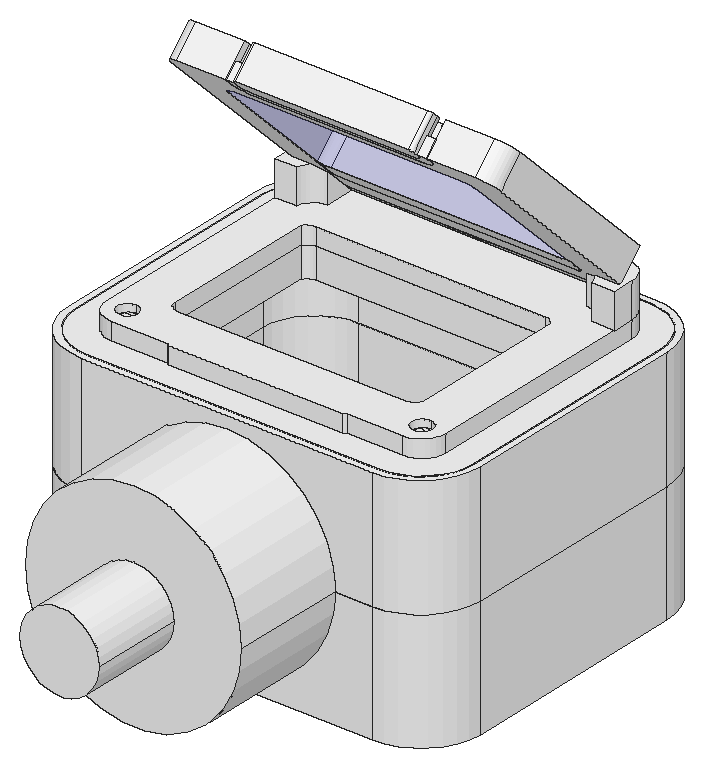
Revit family "Domotics-SerieCivili-GEWISS-27COMBI_SYSTEM-IP55_TESTA_PALO", category Apparecchi elettrici, host Superficie, Revit 2016 (continued)
Definition of nested family "SYSTEM CONTENITORI IP55 3P TESTAPALO_BASE"
  Forms (mm)
    Extrusion 42, solid, detail levels medium+fine
      sketch origin (0, 0, 0) x (1, 0, 0) y (0, 1, 0)
        loop
          arc (-33.5, 22.669) -> (-35.223, 22.215) -> (-36.5, 20.971) r 3.5
          line (-36.5, 20.971) -> (-36.5, -24.831)
      from 61.122 to 70
    Extrusion 43, solid, detail levels medium+fine
      sketch origin (0, 0, 0) x (1, 0, 0) y (0, 0, 1)
        loop
          circle (0, 35) r 31.6
      from 51.5 to 85.533
    Extrusion 44, solid, detail levels medium+fine
      sketch origin (0, 0, 0) x (1, 0, 0) y (0, 0, 1)
        loop
          circle (0, 35) r 11.6
      from 85.533 to 112.5
    Extrusion 45, solid, material <- "SCATOLA", detail levels coarse
      sketch origin (0, 0, 17.5) x (1, 0, 0) y (0, 1, 0)
        loop
          line (42.5, 51.5) -> (-42.5, 51.5)
          arc (-42.5, 51.5) -> (-54.874, 46.374) -> (-60, 34) r 17.5
          line (-60, 34) -> (-60, -34)
          arc (-60, -34) -> (-54.874, -46.374) -> (-42.5, -51.5) r 17.5
          line (-42.5, -51.5) -> (42.5, -51.5)
          arc (42.5, -51.5) -> (54.874, -46.374) -> (60, -34) r 17.5
          line (60, -34) -> (60, 34)
          arc (60, 34) -> (54.874, 46.374) -> (42.5, 51.5) r 17.5
      from -17.5 to 52.5
  Cuts and joins
    joined: Extrusion 1, Extrusion 2
  Lines and regions (mm)
    model lines, not visible
      curve 1: line (42.5, 51.5, 0) -> (-42.5, 51.5, 0)
      curve 2: line (-60, -34, 0) -> (-60, 34, 0)
      curve 3: arc (-42.5, 51.5, 0) -> (-54.874, 46.374, 0) -> (-60, 34, 0) r 17.5
      curve 4: arc (-60, -34, 0) -> (-54.874, -46.374, 0) -> (-42.5, -51.5, 0) r 17.5
      curve 5: line (42.5, -51.5, 0) -> (-42.5, -51.5, 0)
      curve 6: arc (42.5, -51.5, 0) -> (54.874, -46.374, 0) -> (60, -34, 0) r 17.5
      curve 7: line (60, -34, 0) -> (60, 34, 0)
      curve 8: arc (60, 34, 0) -> (54.874, 46.374, 0) -> (42.5, 51.5, 0) r 17.5
      curve 9: arc (56.306, 34.157, 0) -> (52.271, 43.898, 0) -> (42.529, 47.933, 0) r 13.777
      curve 10: line (42.529, 47.933, 0) -> (-42.496, 47.933, 0)
      curve 11: arc (-42.496, 47.933, 0) -> (-51.949, 44.221, 0) -> (-56.35, 35.067, 0) r 13.891
      curve 12: line (-56.35, -34, 0) -> (-56.35, 35.067, 0)
      curve 13: arc (-56.35, -34, 0) -> (-52.293, -43.793, 0) -> (-42.5, -47.85, 0) r 13.85
      curve 14: line (42.5, -47.85, 0) -> (-42.5, -47.85, 0)
      curve 15: arc (42.5, -47.85, 0) -> (52.675, -43.395, 0) -> (56.306, -32.898, 0) r 13.85
      curve 16: line (56.306, -32.898, 0) -> (56.306, 34.157, 0)
      curve 17: line (49.763, -33.831, 0) -> (49.763, 34.169, 0)
      curve 18: arc (49.763, 34.169, 0) -> (47.713, 39.118, 0) -> (42.763, 41.169, 0) r 7
      curve 19: line (-42.237, 41.169, 0) -> (42.763, 41.169, 0)
      curve 20: arc (-42.237, 41.169, 0) -> (-47.186, 39.118, 0) -> (-49.237, 34.169, 0) r 7
      curve 21: line (-49.237, -33.831, 0) -> (-49.237, 34.169, 0)
      curve 22: arc (-49.237, -33.831, 0) -> (-47.186, -38.781, 0) -> (-42.237, -40.831, 0) r 7
      curve 23: line (-42.237, -40.831, 0) -> (-25.898, -40.831, 0)
      curve 24: arc (-26.037, -40.324, 0) -> (-25.744, -41.031, 0) -> (-25.037, -41.324, 0) r 1
      curve 25: line (-25.037, -41.324, 0) -> (25.563, -41.324, 0)
      curve 26: arc (25.563, -41.324, 0) -> (26.271, -41.031, 0) -> (26.563, -40.324, 0) r 1
      curve 27: line (26.425, -40.831, 0) -> (42.763, -40.831, 0)
      curve 28: arc (42.763, -40.831, 0) -> (47.713, -38.781, 0) -> (49.763, -33.831, 0) r 7
      curve 29: line (26.563, -40.324, 0) -> (26.563, -38.165, 0)
      curve 30: arc (26.563, -38.165, 0) -> (25.685, -36.044, 0) -> (23.563, -35.165, 0) r 3
      curve 31: line (-23.037, -35.165, 0) -> (23.563, -35.165, 0)
      curve 32: arc (-23.037, -35.165, 0) -> (-25.158, -36.044, 0) -> (-26.037, -38.165, 0) r 3
      curve 33: line (-26.037, -40.324, 0) -> (-26.037, -38.165, 0)
      curve 34: circle (-17.337, -38.622, 0) r 1 normal (0, 0, 1)
      curve 35: circle (-8.537, -38.622, 0) r 1 normal (0, 0, 1)
      curve 36: circle (0.263, -38.622, 0) r 1 normal (0, 0, 1)
      curve 37: circle (9.063, -38.622, 0) r 1 normal (0, 0, 1)
      curve 38: circle (17.863, -38.622, 0) r 1 normal (0, 0, 1)
      curve 39: line (-38.5, -39.2, 0) -> (-29.037, -39.2, 0)
      curve 40: arc (-39.5, -38.2, 0) -> (-39.207, -38.907, 0) -> (-38.5, -39.2, 0) r 1
      curve 41: line (-39.5, -38.2, 0) -> (-39.5, -34.5, 0)
      curve 42: arc (-39.5, -34.5, 0) -> (-40.525, -32.025, 0) -> (-43, -31, 0) r 3.5
      curve 43: line (-43, -31, 0) -> (-46.7, -31, 0)
      curve 44: arc (-47.7, -30, 0) -> (-47.407, -30.707, 0) -> (-46.7, -31, 0) r 1
      curve 45: circle (-42.737, -34.331, 0) r 3 normal (0, 0, 1)
      curve 46: line (-44.019, -32.701, 0) -> (-41.455, -35.962, 0)
      curve 47: line (-44.459, -35.652, 0) -> (-41.014, -33.01, 0)
      curve 48: line (-47.7, -30, 0) -> (-47.7, 27.667, 0)
      curve 49: arc (-49.237, 27.637, 0) -> (-46.111, 27.71, 0) -> (-42.986, 27.836, 0) r 185.778
      curve 50: arc (-37.737, 32.513, 0) -> (-41.206, 31.123, 0) -> (-42.986, 27.836, 0) r 5.5
      curve 51: line (-37.737, 32.513, 0) -> (-37.737, 41.169, 0)
      curve 52: circle (-42.737, 34.669, 0) r 3 normal (0, 0, 1)
      curve 53: line (-43.287, 36.669, 0) -> (-42.187, 32.669, 0)
      curve 54: line (-44.837, 34.119, 0) -> (-40.637, 35.219, 0)
      curve 55: arc (38.063, 38.269, 0) -> (0.163, 39.169, 0) -> (-37.737, 38.268, 0) r 798.156
      curve 56: line (38.063, 32.217, 0) -> (38.063, 41.169, 0)
      curve 57: arc (43.264, 27.342, 0) -> (41.631, 30.811, 0) -> (38.063, 32.217, 0) r 5.2
      curve 58: arc (43.264, 27.342, 0) -> (46.513, 27.221, 0) -> (49.763, 27.16, 0) r 177.869
      curve 59: circle (43.263, 34.669, 0) r 3 normal (0, 0, 1)
      curve 60: line (44.578, 32.941, 0) -> (41.949, 36.396, 0)
      curve 61: line (41.628, 33.393, 0) -> (44.899, 35.944, 0)
      curve 62: line (47.7, -30, 0) -> (47.7, 27.192, 0)
      curve 63: arc (46.7, -31, 0) -> (47.407, -30.707, 0) -> (47.7, -30, 0) r 1
      curve 64: line (46.7, -31, 0) -> (43, -31, 0)
      curve 65: arc (43, -31, 0) -> (40.525, -32.025, 0) -> (39.5, -34.5, 0) r 3.5
      curve 66: line (39.5, -38.2, 0) -> (39.5, -34.5, 0)
      curve 67: arc (38.5, -39.2, 0) -> (39.207, -38.907, 0) -> (39.5, -38.2, 0) r 1
      curve 68: circle (43.263, -34.331, 0) r 3 normal (0, 0, 1)
      curve 69: line (42.713, -32.331, 0) -> (43.813, -36.331, 0)
      curve 70: line (41.163, -34.881, 0) -> (45.363, -33.781, 0)
      curve 71: line (38.5, -39.2, 0) -> (29.563, -39.2, 0)
      curve 72: line (-33.5, -27.831, 0) -> (33.5, -27.831, 0)
      curve 73: arc (-36.5, -24.831, 0) -> (-35.621, -26.953, 0) -> (-33.5, -27.831, 0) r 3
      curve 74: line (-36.5, -24.831, 0) -> (-36.5, 27.169, 0)
      curve 75: line (-34.65, 19.669, 0) -> (-34.65, -25.331, 0)
      curve 76: line (-34.65, -25.331, 0) -> (34.65, -25.331, 0)
      curve 77: line (36.5, -24.831, 0) -> (36.5, 27.169, 0)
      curve 78: arc (33.5, -27.831, 0) -> (35.621, -26.953, 0) -> (36.5, -24.831, 0) r 3
      curve 79: arc (36.5, 20.971, 0) -> (35.223, 22.215, 0) -> (33.5, 22.669, 0) r 3.5
      curve 80: line (34.65, 19.669, 0) -> (-34.65, 19.669, 0)
      curve 81: line (-33.5, 22.669, 0) -> (33.5, 22.669, 0)
      curve 82: arc (-33.5, 22.669, 0) -> (-35.223, 22.215, 0) -> (-36.5, 20.971, 0) r 3.5
      curve 83: arc (-33.5, 30.169, 0) -> (-35.621, 29.29, 0) -> (-36.5, 27.169, 0) r 3
      curve 84: line (-33.5, 30.169, 0) -> (33.5, 30.169, 0)
      curve 85: arc (36.5, 27.169, 0) -> (35.621, 29.29, 0) -> (33.5, 30.169, 0) r 3
      curve 86: line (-28, -52.5, 0) -> (-28, -51.5, 0)
      curve 87: line (-16, -52.5, 0) -> (-28, -52.5, 0)
      curve 88: line (-16, -51.5, 0) -> (-16, -52.5, 0)
      curve 89: line (16, -52.5, 0) -> (16, -51.5, 0)
      curve 90: line (28, -52.5, 0) -> (16, -52.5, 0)
      curve 91: line (28, -51.5, 0) -> (28, -52.5, 0)
      curve 92: line (-16.444, -65.422, 0) -> (-16.444, -52.5, 0)
      curve 93: arc (-16.444, -65.422, 0) -> (-16.152, -66.129, 0) -> (-15.444, -66.422, 0) r 1
      curve 94: line (15.52, -66.422, 0) -> (-15.444, -66.422, 0)
      curve 95: arc (15.52, -66.422, 0) -> (16.227, -66.129, 0) -> (16.52, -65.422, 0) r 1
      curve 96: line (16.52, -65.422, 0) -> (16.52, -52.5, 0)
      curve 97: line (26.038, -64.422, 0) -> (26.038, -52.5, 0)
      curve 98: arc (8.538, -81.922, 0) -> (20.912, -76.796, 0) -> (26.038, -64.422, 0) r 17.5
      curve 99: line (8.538, -81.922, 0) -> (-8.462, -81.922, 0)
      curve 100: circle (0.038, -74.922, 0) r 2 normal (0, 0, 1)
      curve 101: arc (-25.962, -64.422, 0) -> (-20.837, -76.796, 0) -> (-8.462, -81.922, 0) r 17.5
      curve 102: line (-25.962, -64.422, 0) -> (-25.962, -52.5, 0)
      curve 103: line (8.538, 81.922, 0) -> (-8.462, 81.922, 0)
      curve 104: arc (-8.462, 81.922, 0) -> (-20.837, 76.796, 0) -> (-25.962, 64.422, 0) r 17.5
      curve 105: arc (26.038, 64.422, 0) -> (20.912, 76.796, 0) -> (8.538, 81.922, 0) r 17.5
      curve 106: line (26.038, 64.422, 0) -> (26.038, 52.5, 0)
      curve 107: line (16.52, 65.422, 0) -> (16.52, 52.5, 0)
      curve 108: arc (16.52, 65.422, 0) -> (16.227, 66.129, 0) -> (15.52, 66.422, 0) r 1
      curve 109: line (15.52, 66.422, 0) -> (-15.444, 66.422, 0)
      curve 110: line (-16.444, 65.422, 0) -> (-16.444, 52.5, 0)
      curve 111: arc (-15.444, 66.422, 0) -> (-16.152, 66.129, 0) -> (-16.444, 65.422, 0) r 1
      curve 112: line (-25.962, 64.422, 0) -> (-25.962, 52.5, 0)
      curve 113: line (28, 52.5, 0) -> (16, 52.5, 0)
      curve 114: line (28, 51.5, 0) -> (28, 52.5, 0)
      curve 115: line (16, 52.5, 0) -> (16, 51.5, 0)
      curve 116: line (-16, 51.5, 0) -> (-16, 52.5, 0)
      curve 117: line (-16, 52.5, 0) -> (-28, 52.5, 0)
      curve 118: line (34.65, -25.331, 0) -> (34.65, 19.669, 0)
      curve 119: line (-29.037, -40.831, 0) -> (-29.037, -37.188, 0)
      curve 120: arc (-24.537, -32.688, 0) -> (-27.719, -34.006, 0) -> (-29.037, -37.188, 0) r 4.5
      curve 121: line (-24.537, -32.688, 0) -> (25.063, -32.688, 0)
      curve 122: arc (29.563, -37.188, 0) -> (28.245, -34.006, 0) -> (25.063, -32.688, 0) r 4.5
      curve 123: line (29.563, -40.831, 0) -> (29.563, -37.188, 0)
      curve 124: line (-28, 52.5, 0) -> (-28, 51.5, 0)
    model lines, not visible, detail levels coarse
      curve 125: line (42.5, 51.5, 155) -> (-42.5, 51.5, 155)
      curve 126: line (-60, -34, 155) -> (-60, 34, 155)
      curve 127: arc (-42.5, 51.5, 155) -> (-54.874, 46.374, 155) -> (-60, 34, 155) r 17.5
      curve 128: arc (-60, -34, 155) -> (-54.874, -46.374, 155) -> (-42.5, -51.5, 155) r 17.5
      curve 129: line (42.5, -51.5, 155) -> (-42.5, -51.5, 155)
      curve 130: arc (42.5, -51.5, 155) -> (54.874, -46.374, 155) -> (60, -34, 155) r 17.5
      curve 131: line (60, -34, 155) -> (60, 34, 155)
      curve 132: arc (60, 34, 155) -> (54.874, 46.374, 155) -> (42.5, 51.5, 155) r 17.5
      curve 133: arc (56.306, 34.157, 155) -> (52.271, 43.898, 155) -> (42.529, 47.933, 155) r 13.777
      curve 134: line (42.529, 47.933, 155) -> (-42.496, 47.933, 155)
      curve 135: arc (-42.496, 47.933, 155) -> (-51.949, 44.221, 155) -> (-56.35, 35.067, 155) r 13.891
      curve 136: line (-56.35, -34, 155) -> (-56.35, 35.067, 155)
      curve 137: arc (-56.35, -34, 155) -> (-52.293, -43.793, 155) -> (-42.5, -47.85, 155) r 13.85
      curve 138: line (42.5, -47.85, 155) -> (-42.5, -47.85, 155)
      curve 139: arc (42.5, -47.85, 155) -> (52.675, -43.395, 155) -> (56.306, -32.898, 155) r 13.85
      curve 140: line (56.306, -32.898, 155) -> (56.306, 34.157, 155)
      curve 141: line (49.763, -33.831, 155) -> (49.763, 34.169, 155)
      curve 142: arc (49.763, 34.169, 155) -> (47.713, 39.118, 155) -> (42.763, 41.169, 155) r 7
      curve 143: line (-42.237, 41.169, 155) -> (42.763, 41.169, 155)
      curve 144: arc (-42.237, 41.169, 155) -> (-47.186, 39.118, 155) -> (-49.237, 34.169, 155) r 7
      curve 145: line (-49.237, -33.831, 155) -> (-49.237, 34.169, 155)
      curve 146: arc (-49.237, -33.831, 155) -> (-47.186, -38.781, 155) -> (-42.237, -40.831, 155) r 7
      curve 147: line (-42.237, -40.831, 155) -> (-25.898, -40.831, 155)
      curve 148: arc (-26.037, -40.324, 155) -> (-25.744, -41.031, 155) -> (-25.037, -41.324, 155) r 1
      curve 149: line (-25.037, -41.324, 155) -> (25.563, -41.324, 155)
      curve 150: arc (25.563, -41.324, 155) -> (26.271, -41.031, 155) -> (26.563, -40.324, 155) r 1
      curve 151: line (26.425, -40.831, 155) -> (42.763, -40.831, 155)
      curve 152: arc (42.763, -40.831, 155) -> (47.713, -38.781, 155) -> (49.763, -33.831, 155) r 7
      curve 153: line (26.563, -40.324, 155) -> (26.563, -38.165, 155)
      curve 154: arc (26.563, -38.165, 155) -> (25.685, -36.044, 155) -> (23.563, -35.165, 155) r 3
      curve 155: line (-23.037, -35.165, 155) -> (23.563, -35.165, 155)
      curve 156: arc (-23.037, -35.165, 155) -> (-25.158, -36.044, 155) -> (-26.037, -38.165, 155) r 3
      curve 157: line (-26.037, -40.324, 155) -> (-26.037, -38.165, 155)
      curve 158: circle (-17.337, -38.622, 155) r 1 normal (0, 0, 1)
      curve 159: circle (-8.537, -38.622, 155) r 1 normal (0, 0, 1)
      curve 160: circle (0.263, -38.622, 155) r 1 normal (0, 0, 1)
      curve 161: circle (9.063, -38.622, 155) r 1 normal (0, 0, 1)
      curve 162: circle (17.863, -38.622, 155) r 1 normal (0, 0, 1)
      curve 163: line (-38.5, -39.2, 155) -> (-29.037, -39.2, 155)
      curve 164: arc (-39.5, -38.2, 155) -> (-39.207, -38.907, 155) -> (-38.5, -39.2, 155) r 1
      curve 165: line (-39.5, -38.2, 155) -> (-39.5, -34.5, 155)
      curve 166: arc (-39.5, -34.5, 155) -> (-40.525, -32.025, 155) -> (-43, -31, 155) r 3.5
      curve 167: line (-43, -31, 155) -> (-46.7, -31, 155)
      curve 168: arc (-47.7, -30, 155) -> (-47.407, -30.707, 155) -> (-46.7, -31, 155) r 1
      curve 169: circle (-42.737, -34.331, 155) r 3 normal (0, 0, 1)
      curve 170: line (-44.019, -32.701, 155) -> (-41.455, -35.962, 155)
      curve 171: line (-44.459, -35.652, 155) -> (-41.014, -33.01, 155)
      curve 172: line (-47.7, -30, 155) -> (-47.7, 27.667, 155)
      curve 173: arc (-49.237, 27.637, 155) -> (-46.111, 27.71, 155) -> (-42.986, 27.836, 155) r 185.778
      curve 174: arc (-37.737, 32.513, 155) -> (-41.206, 31.123, 155) -> (-42.986, 27.836, 155) r 5.5
      curve 175: line (-37.737, 32.513, 155) -> (-37.737, 41.169, 155)
      curve 176: circle (-42.737, 34.669, 155) r 3 normal (0, 0, 1)
      curve 177: line (-43.287, 36.669, 155) -> (-42.187, 32.669, 155)
      curve 178: line (-44.837, 34.119, 155) -> (-40.637, 35.219, 155)
      curve 179: arc (38.063, 38.269, 155) -> (0.163, 39.169, 155) -> (-37.737, 38.268, 155) r 798.156
      curve 180: line (38.063, 32.217, 155) -> (38.063, 41.169, 155)
      curve 181: arc (43.264, 27.342, 155) -> (41.631, 30.811, 155) -> (38.063, 32.217, 155) r 5.2
      curve 182: arc (43.264, 27.342, 155) -> (46.513, 27.221, 155) -> (49.763, 27.16, 155) r 177.869
      curve 183: circle (43.263, 34.669, 155) r 3 normal (0, 0, 1)
      curve 184: line (44.578, 32.941, 155) -> (41.949, 36.396, 155)
      curve 185: line (41.628, 33.393, 155) -> (44.899, 35.944, 155)
      curve 186: line (47.7, -30, 155) -> (47.7, 27.192, 155)
      curve 187: arc (46.7, -31, 155) -> (47.407, -30.707, 155) -> (47.7, -30, 155) r 1
      curve 188: line (46.7, -31, 155) -> (43, -31, 155)
      curve 189: arc (43, -31, 155) -> (40.525, -32.025, 155) -> (39.5, -34.5, 155) r 3.5
      curve 190: line (39.5, -38.2, 155) -> (39.5, -34.5, 155)
      curve 191: arc (38.5, -39.2, 155) -> (39.207, -38.907, 155) -> (39.5, -38.2, 155) r 1
      curve 192: circle (43.263, -34.331, 155) r 3 normal (0, 0, 1)
      curve 193: line (42.713, -32.331, 155) -> (43.813, -36.331, 155)
      curve 194: line (41.163, -34.881, 155) -> (45.363, -33.781, 155)
      curve 195: line (38.5, -39.2, 155) -> (29.563, -39.2, 155)
      curve 196: line (-33.5, -27.831, 155) -> (33.5, -27.831, 155)
      curve 197: arc (-36.5, -24.831, 155) -> (-35.621, -26.953, 155) -> (-33.5, -27.831, 155) r 3
      curve 198: line (-36.5, -24.831, 155) -> (-36.5, 27.169, 155)
      curve 199: line (-34.65, 19.669, 155) -> (-34.65, -25.331, 155)
      curve 200: line (-34.65, -25.331, 155) -> (34.65, -25.331, 155)
      curve 201: line (36.5, -24.831, 155) -> (36.5, 27.169, 155)
      curve 202: arc (33.5, -27.831, 155) -> (35.621, -26.953, 155) -> (36.5, -24.831, 155) r 3
      curve 203: arc (36.5, 20.971, 155) -> (35.223, 22.215, 155) -> (33.5, 22.669, 155) r 3.5
      curve 204: line (34.65, 19.669, 155) -> (-34.65, 19.669, 155)
      curve 205: line (-33.5, 22.669, 155) -> (33.5, 22.669, 155)
      curve 206: arc (-33.5, 22.669, 155) -> (-35.223, 22.215, 155) -> (-36.5, 20.971, 155) r 3.5
      curve 207: arc (-33.5, 30.169, 155) -> (-35.621, 29.29, 155) -> (-36.5, 27.169, 155) r 3
      curve 208: line (-33.5, 30.169, 155) -> (33.5, 30.169, 155)
      curve 209: arc (36.5, 27.169, 155) -> (35.621, 29.29, 155) -> (33.5, 30.169, 155) r 3
      curve 210: line (34.65, -25.331, 155) -> (34.65, 19.669, 155)
      curve 211: line (-29.037, -40.831, 155) -> (-29.037, -37.188, 155)
      curve 212: arc (-24.537, -32.688, 155) -> (-27.719, -34.006, 155) -> (-29.037, -37.188, 155) r 4.5
      curve 213: line (-24.537, -32.688, 155) -> (25.063, -32.688, 155)
      curve 214: arc (29.563, -37.188, 155) -> (28.245, -34.006, 155) -> (25.063, -32.688, 155) r 4.5
      curve 215: line (29.563, -40.831, 155) -> (29.563, -37.188, 155)
      curve 224: line (-31.618, -85.533, 155) -> (-31.618, -51.5, 155)
      curve 225: line (31.618, -85.533, 155) -> (-31.618, -85.533, 155)
      curve 226: line (-11.59, -112.5, 155) -> (-11.59, -85.533, 155)
      curve 227: line (11.59, -112.5, 155) -> (-11.59, -112.5, 155)
      curve 228: line (11.59, -85.533, 155) -> (11.59, -112.5, 155)
      curve 229: line (31.618, -51.5, 155) -> (31.618, -85.533, 155)
    sketch lines
      curve 216: line (37.737, 41.169, 75) -> (0, 41.169, 75)
      curve 217: line (-37.737, 41.169, 75) -> (0, 41.169, 75)
      curve 220: line (37.737, 41.169, 75) -> (0, 41.169, 75)
      curve 221: line (-37.737, 41.169, 75) -> (0, 41.169, 75)
    sketch lines, not visible
      curve 218: line (37.737, 41.169, 75) -> (0, 41.169, 75)
      curve 219: line (-37.737, 41.169, 75) -> (0, 41.169, 75)
      curve 222: line (-100.757, -146.049, 47.299) -> (-138.493, -146.049, 47.299)
      curve 223: line (-176.23, -146.049, 47.299) -> (-138.493, -146.049, 47.299)
    model lines, detail levels coarse
      curve 230: line (42.5, 51.5, 70) -> (-42.5, 51.5, 70)
      curve 231: line (-60, -34, 70) -> (-60, 34, 70)
      curve 232: arc (-42.5, 51.5, 70) -> (-54.874, 46.374, 70) -> (-60, 34, 70) r 17.5
      curve 233: arc (-60, -34, 70) -> (-54.874, -46.374, 70) -> (-42.5, -51.5, 70) r 17.5
      curve 234: line (42.5, -51.5, 70) -> (-42.5, -51.5, 70)
      curve 235: arc (42.5, -51.5, 70) -> (54.874, -46.374, 70) -> (60, -34, 70) r 17.5
      curve 236: line (60, -34, 70) -> (60, 34, 70)
      curve 237: arc (60, 34, 70) -> (54.874, 46.374, 70) -> (42.5, 51.5, 70) r 17.5
      curve 238: arc (56.306, 34.157, 70) -> (52.271, 43.898, 70) -> (42.529, 47.933, 70) r 13.777
      curve 239: line (42.529, 47.933, 70) -> (-42.496, 47.933, 70)
      curve 240: arc (-42.496, 47.933, 70) -> (-51.949, 44.221, 70) -> (-56.35, 35.067, 70) r 13.891
      curve 241: line (-56.35, -34, 70) -> (-56.35, 35.067, 70)
      curve 242: arc (-56.35, -34, 70) -> (-52.293, -43.793, 70) -> (-42.5, -47.85, 70) r 13.85
      curve 243: line (42.5, -47.85, 70) -> (-42.5, -47.85, 70)
      curve 244: arc (42.5, -47.85, 70) -> (52.675, -43.395, 70) -> (56.306, -32.898, 70) r 13.85
      curve 245: line (56.306, -32.898, 70) -> (56.306, 34.157, 70)
      curve 246: line (49.763, -33.831, 70) -> (49.763, 34.169, 70)
      curve 247: arc (49.763, 34.169, 70) -> (47.713, 39.118, 70) -> (42.763, 41.169, 70) r 7
      curve 248: line (-42.237, 41.169, 70) -> (42.763, 41.169, 70)
      curve 249: arc (-42.237, 41.169, 70) -> (-47.186, 39.118, 70) -> (-49.237, 34.169, 70) r 7
      curve 250: line (-49.237, -33.831, 70) -> (-49.237, 34.169, 70)
      curve 251: arc (-49.237, -33.831, 70) -> (-47.186, -38.781, 70) -> (-42.237, -40.831, 70) r 7
      curve 252: line (-42.237, -40.831, 70) -> (-25.898, -40.831, 70)
      curve 253: arc (-26.037, -40.324, 70) -> (-25.744, -41.031, 70) -> (-25.037, -41.324, 70) r 1
      curve 254: line (-25.037, -41.324, 70) -> (25.563, -41.324, 70)
      curve 255: arc (25.563, -41.324, 70) -> (26.271, -41.031, 70) -> (26.563, -40.324, 70) r 1
      curve 256: line (26.425, -40.831, 70) -> (42.763, -40.831, 70)
      curve 257: arc (42.763, -40.831, 70) -> (47.713, -38.781, 70) -> (49.763, -33.831, 70) r 7
      curve 258: line (26.563, -40.324, 70) -> (26.563, -38.165, 70)
      curve 259: arc (26.563, -38.165, 70) -> (25.685, -36.044, 70) -> (23.563, -35.165, 70) r 3
      curve 260: line (-23.037, -35.165, 70) -> (23.563, -35.165, 70)
      curve 261: arc (-23.037, -35.165, 70) -> (-25.158, -36.044, 70) -> (-26.037, -38.165, 70) r 3
      curve 262: line (-26.037, -40.324, 70) -> (-26.037, -38.165, 70)
      curve 263: circle (-17.337, -38.622, 70) r 1 normal (0, 0, 1)
      curve 264: circle (-8.537, -38.622, 70) r 1 normal (0, 0, 1)
      curve 265: circle (0.263, -38.622, 70) r 1 normal (0, 0, 1)
      curve 266: circle (9.063, -38.622, 70) r 1 normal (0, 0, 1)
      curve 267: circle (17.863, -38.622, 70) r 1 normal (0, 0, 1)
      curve 268: line (-38.5, -39.2, 70) -> (-29.037, -39.2, 70)
      curve 269: arc (-39.5, -38.2, 70) -> (-39.207, -38.907, 70) -> (-38.5, -39.2, 70) r 1
      curve 270: line (-39.5, -38.2, 70) -> (-39.5, -34.5, 70)
      curve 271: arc (-39.5, -34.5, 70) -> (-40.525, -32.025, 70) -> (-43, -31, 70) r 3.5
      curve 272: line (-43, -31, 70) -> (-46.7, -31, 70)
      curve 273: arc (-47.7, -30, 70) -> (-47.407, -30.707, 70) -> (-46.7, -31, 70) r 1
      curve 274: circle (-42.737, -34.331, 70) r 3 normal (0, 0, 1)
      curve 275: line (-44.019, -32.701, 70) -> (-41.455, -35.962, 70)
      curve 276: line (-44.459, -35.652, 70) -> (-41.014, -33.01, 70)
      curve 277: line (-47.7, -30, 70) -> (-47.7, 27.667, 70)
      curve 278: arc (-49.237, 27.637, 70) -> (-46.111, 27.71, 70) -> (-42.986, 27.836, 70) r 185.778
      curve 279: arc (-37.737, 32.513, 70) -> (-41.206, 31.123, 70) -> (-42.986, 27.836, 70) r 5.5
      curve 280: line (-37.737, 32.513, 70) -> (-37.737, 41.169, 70)
      curve 281: circle (-42.737, 34.669, 70) r 3 normal (0, 0, 1)
      curve 282: line (-43.287, 36.669, 70) -> (-42.187, 32.669, 70)
      curve 283: line (-44.837, 34.119, 70) -> (-40.637, 35.219, 70)
      curve 284: arc (38.063, 38.269, 70) -> (0.163, 39.169, 70) -> (-37.737, 38.268, 70) r 798.156
      curve 285: line (38.063, 32.217, 70) -> (38.063, 41.169, 70)
      curve 286: arc (43.264, 27.342, 70) -> (41.631, 30.811, 70) -> (38.063, 32.217, 70) r 5.2
      curve 287: arc (43.264, 27.342, 70) -> (46.513, 27.221, 70) -> (49.763, 27.16, 70) r 177.869
      curve 288: circle (43.263, 34.669, 70) r 3 normal (0, 0, 1)
      curve 289: line (44.578, 32.941, 70) -> (41.949, 36.396, 70)
      curve 290: line (41.628, 33.393, 70) -> (44.899, 35.944, 70)
      curve 291: line (47.7, -30, 70) -> (47.7, 27.192, 70)
      curve 292: arc (46.7, -31, 70) -> (47.407, -30.707, 70) -> (47.7, -30, 70) r 1
      curve 293: line (46.7, -31, 70) -> (43, -31, 70)
      curve 294: arc (43, -31, 70) -> (40.525, -32.025, 70) -> (39.5, -34.5, 70) r 3.5
      curve 295: line (39.5, -38.2, 70) -> (39.5, -34.5, 70)
      curve 296: arc (38.5, -39.2, 70) -> (39.207, -38.907, 70) -> (39.5, -38.2, 70) r 1
      curve 297: circle (43.263, -34.331, 70) r 3 normal (0, 0, 1)
      curve 298: line (42.713, -32.331, 70) -> (43.813, -36.331, 70)
      curve 299: line (41.163, -34.881, 70) -> (45.363, -33.781, 70)
      curve 300: line (38.5, -39.2, 70) -> (29.563, -39.2, 70)
      curve 301: line (-33.5, -27.831, 70) -> (33.5, -27.831, 70)
      curve 302: arc (-36.5, -24.831, 70) -> (-35.621, -26.953, 70) -> (-33.5, -27.831, 70) r 3
      curve 303: line (-36.5, -24.831, 70) -> (-36.5, 27.169, 70)
      curve 304: line (-34.65, 19.669, 70) -> (-34.65, -25.331, 70)
      curve 305: line (-34.65, -25.331, 70) -> (34.65, -25.331, 70)
      curve 306: line (36.5, -24.831, 70) -> (36.5, 27.169, 70)
      curve 307: arc (33.5, -27.831, 70) -> (35.621, -26.953, 70) -> (36.5, -24.831, 70) r 3
      curve 308: arc (36.5, 20.971, 70) -> (35.223, 22.215, 70) -> (33.5, 22.669, 70) r 3.5
      curve 309: line (34.65, 19.669, 70) -> (-34.65, 19.669, 70)
      curve 310: line (-33.5, 22.669, 70) -> (33.5, 22.669, 70)
      curve 311: arc (-33.5, 22.669, 70) -> (-35.223, 22.215, 70) -> (-36.5, 20.971, 70) r 3.5
      curve 312: arc (-33.5, 30.169, 70) -> (-35.621, 29.29, 70) -> (-36.5, 27.169, 70) r 3
      curve 313: line (-33.5, 30.169, 70) -> (33.5, 30.169, 70)
      curve 314: arc (36.5, 27.169, 70) -> (35.621, 29.29, 70) -> (33.5, 30.169, 70) r 3
      curve 315: line (34.65, -25.331, 70) -> (34.65, 19.669, 70)
      curve 316: line (-29.037, -40.831, 70) -> (-29.037, -37.188, 70)
      curve 317: arc (-24.537, -32.688, 70) -> (-27.719, -34.006, 70) -> (-29.037, -37.188, 70) r 4.5
      curve 318: line (-24.537, -32.688, 70) -> (25.063, -32.688, 70)
      curve 319: arc (29.563, -37.188, 70) -> (28.245, -34.006, 70) -> (25.063, -32.688, 70) r 4.5
      curve 320: line (29.563, -40.831, 70) -> (29.563, -37.188, 70)
      curve 321: line (-31.618, -85.533, 70) -> (-31.618, -51.5, 70)
      curve 322: line (31.618, -85.533, 70) -> (-31.618, -85.533, 70)
      curve 323: line (-11.59, -112.5, 70) -> (-11.59, -85.533, 70)
      curve 324: line (11.59, -112.5, 70) -> (-11.59, -112.5, 70)
      curve 325: line (11.59, -85.533, 70) -> (11.59, -112.5, 70)
      curve 326: line (31.618, -51.5, 70) -> (31.618, -85.533, 70)
  Dimensions and locks
    equal spacing: plane 4, plane 3 "Centro (Sinistra/Destra)", plane 5
    "Larghezza scatola": plane 4 to plane 5
    equal spacing: plane 6, plane 1 "Centro (Fronte/Retro)", plane 7
    "Altezza scatola": plane 6 to plane 7
    plane 9 to plane 11 "PIANO BIDIMENSIONALE" = 5 mm
    equal spacing: plane 11 "PIANO BIDIMENSIONALE", plane 8, level
    level to plane 8 = 35 mm
    aligned and locked: level to plane 2
    aligned and locked: Extrusion 1 to level
    aligned and locked: Extrusion 2 to level
    aligned and locked: plane 8 to Extrusion 1
    aligned and locked: cut or joined group of Extrusion 1, Extrusion 2 to Extrusion 3 sketch curve
    aligned and locked: Extrusion 3 sketch curve to cut or joined group of Extrusion 1, Extrusion 2  (x2)
    aligned and locked: plane 6 to Extrusion 3 sketch curve
    aligned and locked: Extrusion 3 to cut or joined group of Extrusion 1, Extrusion 2
    aligned and locked: Extrusion 5 to Extrusion 4
    aligned and locked: Extrusion 6 to Extrusion 4
    aligned and locked: Extrusion 7 sketch curve to Extrusion 5  (x2)
    aligned and locked: Extrusion 5 to Extrusion 7 sketch curve
    aligned and locked: Extrusion 7 to Extrusion 4
    aligned and locked: Extrusion 9 to Revolve 8
    aligned and locked: Revolve 10 to Extrusion 11
    aligned and locked: Extrusion 14 to Extrusion 4
    aligned and locked: Revolve 8 sketch curve to Extrusion 9
    aligned and locked: Extrusion 11 to Revolve 10 sketch curve
    aligned and locked: Extrusion 4 to plane 11 "PIANO BIDIMENSIONALE"
    aligned and locked: Extrusion 4 to Extrusion 13
    aligned and locked: Extrusion 4 to Extrusion 12
    aligned and locked: Extrusion 4 to Extrusion 11
    aligned and locked: plane 12 to Extrusion 13
    aligned and locked: Extrusion 12 to Extrusion 13
    aligned and locked: plane 9 to Extrusion 4
    aligned and locked: Extrusion 15 to Extrusion 4
    aligned and locked: Extrusion 5 to Extrusion 15
    aligned and locked: SweptBlend 16 sketch curve to Extrusion 5
    aligned and locked: Extrusion 18 to plane 9
    aligned and locked: Extrusion 21 sketch curve to Extrusion 19  (x2)
    aligned and locked: Extrusion 19 to Extrusion 21 sketch curve
    aligned and locked: SweptBlend 23 sketch curve to Extrusion 19
    aligned and locked: Extrusion 28 sketch curve to Extrusion 26  (x2)
    aligned and locked: Extrusion 26 to Extrusion 28 sketch curve
    aligned and locked: SweptBlend 30 sketch curve to Extrusion 26
    aligned and locked: Extrusion 35 sketch curve to Extrusion 33  (x2)
    aligned and locked: Extrusion 33 to Extrusion 35 sketch curve
    aligned and locked: SweptBlend 37 sketch curve to Extrusion 33
    aligned and locked: Extrusion 3 to Extrusion 4
    aligned and locked: Revolve 40 sketch curve to Extrusion 12
    aligned and locked: Extrusion 13 to Revolve 41 sketch curve
    aligned and locked: Extrusion 3 to Extrusion 42
    aligned and locked: cut or joined group of Extrusion 1, Extrusion 2 to plane 2
    aligned and locked: plane 7 to Extrusion 43
    aligned and locked: curve 321 to Extrusion 43
    aligned and locked: Extrusion 44 to curve 321
    aligned and locked: Extrusion 44 to curve 323
    aligned and locked: Extrusion 3 to Extrusion 45 sketch curve
    aligned and locked: Extrusion 45 sketch curve to Extrusion 3  (x3)
    aligned and locked: Extrusion 45 to level
    aligned and locked: Extrusion 45 to Extrusion 3
  Automatic sketch dimensions
    Extrusion 5 sketch curve to Extrusion 5 sketch curve = 0 mm
    Extrusion 5 sketch curve to Extrusion 5 sketch curve = 3 mm  (x3)
    Extrusion 5 sketch curve to Extrusion 5 sketch curve = 0.152 mm  (x2)
    Extrusion 5 sketch curve to Extrusion 5 sketch curve = 4.857 mm
    Extrusion 5 sketch curve to Extrusion 5 sketch curve = 4.5 mm  (x2)
    Extrusion 5 sketch curve to Extrusion 5 sketch curve = 2.012 mm  (x2)
    Extrusion 5 sketch curve to Extrusion 5 sketch curve = 9.963 mm
    Extrusion 5 sketch curve to Extrusion 5 sketch curve = 0.189 mm
    Extrusion 5 sketch curve to Extrusion 5 sketch curve = 14.395 mm  (x2)
    Extrusion 5 sketch curve to Extrusion 5 sketch curve = 4.237 mm
    Extrusion 5 sketch curve to Extrusion 5 sketch curve = 1.048 mm  (x2)
    Extrusion 6 sketch curve to Extrusion 6 sketch curve = 3 mm  (x2)
    Extrusion 6 sketch curve to Extrusion 6 sketch curve = 4.5 mm
    Extrusion 6 sketch curve to Extrusion 6 sketch curve = 1.697 mm  (x2)
    Extrusion 6 sketch curve to Extrusion 6 sketch curve = 3.5 mm
    Extrusion 6 sketch curve to Extrusion 6 sketch curve = 1.803 mm
    Extrusion 7 sketch curve to Extrusion 7 sketch curve = 3 mm  (x2)
    Extrusion 7 sketch curve to Extrusion 7 sketch curve = 1.803 mm  (x2)
    Extrusion 7 sketch curve to Extrusion 7 sketch curve = 1.697 mm
    Extrusion 14 sketch curve to Extrusion 14 sketch curve = 3 mm  (x2)
    Extrusion 14 sketch curve to Extrusion 14 sketch curve = 2.158 mm  (x2)
    Extrusion 14 sketch curve to Extrusion 14 sketch curve = 1 mm
    SweptBlend 16 sketch curve to profile plane = 0 mm  (x4)
    SweptBlend 16 sketch curve to profile plane = 5.776 mm
    SweptBlend 16 sketch curve to SweptBlend 16 sketch curve = 5 mm
    SweptBlend 16 sketch curve to profile plane = 2 mm
    SweptBlend 16 sketch curve to SweptBlend 16 sketch curve = 5.25 mm
    profile plane to SweptBlend 16 sketch curve = 5 mm
    SweptBlend 17 sketch curve to profile plane = 0 mm  (x4)
    profile plane to SweptBlend 17 sketch curve = 2.885 mm
    SweptBlend 17 sketch curve to SweptBlend 17 sketch curve = 2.891 mm
    profile plane to SweptBlend 17 sketch curve = 5 mm  (x2)
    profile plane to SweptBlend 17 sketch curve = 2 mm
    SweptBlend 17 sketch curve to SweptBlend 17 sketch curve = 7.25 mm
    Extrusion 18 sketch curve to Extrusion 18 sketch curve = 2.012 mm
    Extrusion 18 sketch curve to Extrusion 18 sketch curve = 4.5 mm  (x2)
    Extrusion 5 sketch curve to Extrusion 5 sketch curve = 9.633 mm
    Extrusion 5 sketch curve to Extrusion 5 sketch curve = 9.932 mm
    Extrusion 5 sketch curve to Extrusion 5 sketch curve = 5.369 mm  (x2)
    Extrusion 5 sketch curve to Extrusion 5 sketch curve = 1.195 mm  (x2)
    Extrusion 5 sketch curve to Extrusion 5 sketch curve = 0.819 mm
    Extrusion 5 sketch curve to Extrusion 5 sketch curve = 0.182 mm
    Extrusion 5 sketch curve to Extrusion 5 sketch curve = 175.11 mm
    Extrusion 5 sketch curve to Extrusion 5 sketch curve = 0.016 mm
    Extrusion 5 sketch curve to Extrusion 5 sketch curve = 5.771 mm
    Extrusion 5 sketch curve to Extrusion 5 sketch curve = 5.755 mm
    Extrusion 5 sketch curve to Extrusion 5 sketch curve = 2.345 mm
    Extrusion 5 sketch curve to Extrusion 5 sketch curve = 0.65 mm
    Extrusion 5 sketch curve to Extrusion 5 sketch curve = 51.848 mm
    Extrusion 5 sketch curve to Extrusion 5 sketch curve = 719.788 mm
    Extrusion 5 sketch curve to Extrusion 5 sketch curve = 4.315 mm
    Extrusion 5 sketch curve to Extrusion 5 sketch curve = 29.207 mm
    Extrusion 5 sketch curve to Extrusion 5 sketch curve = 8.437 mm
    Extrusion 6 sketch curve to Extrusion 6 sketch curve = 67 mm
    Extrusion 7 sketch curve to Extrusion 7 sketch curve = 44 mm
    Extrusion 7 sketch curve to Extrusion 7 sketch curve = 3.5 mm
    Extrusion 14 sketch curve to Extrusion 14 sketch curve = 46.6 mm
    Extrusion 18 sketch curve to Extrusion 18 sketch curve = 49.6 mm
    Extrusion 19 sketch curve to Extrusion 19 sketch curve = 0 mm
    Extrusion 19 sketch curve to Extrusion 19 sketch curve = 3 mm  (x3)
    Extrusion 19 sketch curve to Extrusion 19 sketch curve = 0.152 mm  (x2)
    Extrusion 19 sketch curve to Extrusion 19 sketch curve = 4.857 mm
    Extrusion 19 sketch curve to Extrusion 19 sketch curve = 4.5 mm  (x2)
    Extrusion 19 sketch curve to Extrusion 19 sketch curve = 2.012 mm  (x2)
    Extrusion 19 sketch curve to Extrusion 19 sketch curve = 9.963 mm
    Extrusion 19 sketch curve to Extrusion 19 sketch curve = 0.189 mm
    Extrusion 19 sketch curve to Extrusion 19 sketch curve = 14.395 mm  (x2)
    Extrusion 19 sketch curve to Extrusion 19 sketch curve = 4.237 mm
    Extrusion 19 sketch curve to Extrusion 19 sketch curve = 1.048 mm  (x2)
    Extrusion 20 sketch curve to Extrusion 20 sketch curve = 3 mm  (x2)
    Extrusion 20 sketch curve to Extrusion 20 sketch curve = 4.5 mm
    Extrusion 20 sketch curve to Extrusion 20 sketch curve = 1.697 mm  (x2)
    Extrusion 20 sketch curve to Extrusion 20 sketch curve = 3.5 mm
    Extrusion 20 sketch curve to Extrusion 20 sketch curve = 1.803 mm
    Extrusion 21 sketch curve to Extrusion 21 sketch curve = 3 mm  (x2)
    Extrusion 21 sketch curve to Extrusion 21 sketch curve = 1.803 mm  (x2)
    Extrusion 21 sketch curve to Extrusion 21 sketch curve = 1.697 mm
    Extrusion 22 sketch curve to Extrusion 22 sketch curve = 3 mm  (x2)
    Extrusion 22 sketch curve to Extrusion 22 sketch curve = 2.158 mm  (x2)
    Extrusion 22 sketch curve to Extrusion 22 sketch curve = 1 mm
    SweptBlend 23 sketch curve to profile plane = 0 mm  (x4)
    SweptBlend 23 sketch curve to profile plane = 5.776 mm
    SweptBlend 23 sketch curve to SweptBlend 23 sketch curve = 5 mm
    SweptBlend 23 sketch curve to profile plane = 2 mm
    SweptBlend 23 sketch curve to SweptBlend 23 sketch curve = 5.25 mm
    profile plane to SweptBlend 23 sketch curve = 5 mm
    SweptBlend 24 sketch curve to profile plane = 0 mm  (x4)
    profile plane to SweptBlend 24 sketch curve = 2.885 mm
    SweptBlend 24 sketch curve to SweptBlend 24 sketch curve = 2.891 mm
    profile plane to SweptBlend 24 sketch curve = 5 mm  (x2)
    profile plane to SweptBlend 24 sketch curve = 2 mm
    SweptBlend 24 sketch curve to SweptBlend 24 sketch curve = 7.25 mm
    Extrusion 25 sketch curve to Extrusion 25 sketch curve = 2.012 mm
    Extrusion 25 sketch curve to Extrusion 25 sketch curve = 4.5 mm  (x2)
    Extrusion 19 sketch curve to Extrusion 19 sketch curve = 9.633 mm
    Extrusion 19 sketch curve to Extrusion 19 sketch curve = 9.932 mm
    Extrusion 19 sketch curve to Extrusion 19 sketch curve = 5.369 mm  (x2)
    Extrusion 19 sketch curve to Extrusion 19 sketch curve = 1.195 mm  (x2)
    Extrusion 19 sketch curve to Extrusion 19 sketch curve = 0.819 mm
    Extrusion 19 sketch curve to Extrusion 19 sketch curve = 0.182 mm
    Extrusion 19 sketch curve to Extrusion 19 sketch curve = 175.11 mm
    Extrusion 19 sketch curve to Extrusion 19 sketch curve = 0.016 mm
    Extrusion 19 sketch curve to Extrusion 19 sketch curve = 5.771 mm
    Extrusion 19 sketch curve to Extrusion 19 sketch curve = 5.755 mm
    Extrusion 19 sketch curve to Extrusion 19 sketch curve = 2.345 mm
    Extrusion 19 sketch curve to Extrusion 19 sketch curve = 0.65 mm
    Extrusion 19 sketch curve to Extrusion 19 sketch curve = 51.848 mm
    Extrusion 19 sketch curve to Extrusion 19 sketch curve = 719.788 mm
    Extrusion 19 sketch curve to Extrusion 19 sketch curve = 4.315 mm
    Extrusion 19 sketch curve to Extrusion 19 sketch curve = 29.207 mm
    Extrusion 19 sketch curve to Extrusion 19 sketch curve = 8.437 mm
    Extrusion 20 sketch curve to Extrusion 20 sketch curve = 67 mm
    Extrusion 21 sketch curve to Extrusion 21 sketch curve = 44 mm
    Extrusion 21 sketch curve to Extrusion 21 sketch curve = 3.5 mm
    Extrusion 22 sketch curve to Extrusion 22 sketch curve = 46.6 mm
    Extrusion 25 sketch curve to Extrusion 25 sketch curve = 49.6 mm
    Extrusion 26 sketch curve to Extrusion 26 sketch curve = 0 mm
    Extrusion 26 sketch curve to Extrusion 26 sketch curve = 175.11 mm
    Extrusion 26 sketch curve to Extrusion 26 sketch curve = 0.016 mm
    Extrusion 26 sketch curve to Extrusion 26 sketch curve = 5.771 mm
    Extrusion 26 sketch curve to Extrusion 26 sketch curve = 5.755 mm
    Extrusion 26 sketch curve to Extrusion 26 sketch curve = 2.345 mm
    Extrusion 26 sketch curve to Extrusion 26 sketch curve = 4.847 mm
    Extrusion 26 sketch curve to Extrusion 26 sketch curve = 4.859 mm
    Extrusion 26 sketch curve to Extrusion 26 sketch curve = 3 mm  (x3)
    Extrusion 26 sketch curve to Extrusion 26 sketch curve = 0.152 mm  (x2)
    Extrusion 26 sketch curve to Extrusion 26 sketch curve = 51.848 mm  (x2)
    Extrusion 26 sketch curve to Extrusion 26 sketch curve = 4.857 mm
    Extrusion 26 sketch curve to Extrusion 26 sketch curve = 9 mm
    Extrusion 26 sketch curve to Extrusion 26 sketch curve = 6 mm
    Extrusion 26 sketch curve to Extrusion 26 sketch curve = 0.633 mm
    Extrusion 26 sketch curve to Extrusion 26 sketch curve = 4.5 mm  (x2)
    Extrusion 26 sketch curve to Extrusion 26 sketch curve = 5.369 mm
    Extrusion 26 sketch curve to Extrusion 26 sketch curve = 2.012 mm
    Extrusion 26 sketch curve to Extrusion 26 sketch curve = 719.788 mm
    Extrusion 26 sketch curve to Extrusion 26 sketch curve = 9.963 mm
    Extrusion 26 sketch curve to Extrusion 26 sketch curve = 4.268 mm
    Extrusion 26 sketch curve to Extrusion 26 sketch curve = 0.189 mm
    Extrusion 26 sketch curve to Extrusion 26 sketch curve = 1.048 mm  (x2)
    Extrusion 26 sketch curve to Extrusion 26 sketch curve = 4.463 mm
    Extrusion 26 sketch curve to Extrusion 26 sketch curve = 49.6 mm
    Extrusion 26 sketch curve to Extrusion 26 sketch curve = 4.237 mm
    Extrusion 26 sketch curve to Extrusion 26 sketch curve = 6.263 mm
    Extrusion 26 sketch curve to Extrusion 26 sketch curve = 1.195 mm
    Extrusion 27 sketch curve to Extrusion 27 sketch curve = 3 mm  (x2)
    Extrusion 27 sketch curve to Extrusion 27 sketch curve = 4.5 mm
    Extrusion 27 sketch curve to Extrusion 27 sketch curve = 1.697 mm  (x2)
    Extrusion 27 sketch curve to Extrusion 27 sketch curve = 3.5 mm
    Extrusion 27 sketch curve to Extrusion 27 sketch curve = 1.803 mm
    Extrusion 27 sketch curve to Extrusion 27 sketch curve = 67 mm
    Extrusion 28 sketch curve to Extrusion 28 sketch curve = 3 mm  (x2)
    Extrusion 28 sketch curve to Extrusion 28 sketch curve = 44 mm  (x2)
    Extrusion 28 sketch curve to Extrusion 28 sketch curve = 1.803 mm  (x2)
    Extrusion 28 sketch curve to Extrusion 28 sketch curve = 1.697 mm
    Extrusion 29 sketch curve to Extrusion 29 sketch curve = 3 mm  (x2)
    Extrusion 29 sketch curve to Extrusion 29 sketch curve = 2.158 mm  (x2)
    Extrusion 29 sketch curve to Extrusion 29 sketch curve = 1 mm
    Extrusion 29 sketch curve to Extrusion 29 sketch curve = 46.6 mm
    SweptBlend 30 sketch curve to profile plane = 0 mm  (x4)
    profile plane to SweptBlend 30 sketch curve = 3.536 mm  (x2)
    profile plane to SweptBlend 30 sketch curve = 5.031 mm
    SweptBlend 30 sketch curve to profile plane = 0.548 mm
    SweptBlend 30 sketch curve to SweptBlend 30 sketch curve = 2.121 mm
    SweptBlend 30 sketch curve to profile plane = 1.414 mm
    SweptBlend 30 sketch curve to profile plane = 1.591 mm
    profile plane to SweptBlend 30 sketch curve = 1.414 mm
    SweptBlend 31 sketch curve to profile plane = 0 mm  (x4)
    profile plane to SweptBlend 31 sketch curve = 0.548 mm
    profile plane to SweptBlend 31 sketch curve = 2.04 mm  (x2)
    SweptBlend 31 sketch curve to profile plane = 3.536 mm  (x2)
    SweptBlend 31 sketch curve to profile plane = 5.031 mm
    profile plane to SweptBlend 31 sketch curve = 1.414 mm  (x2)
    profile plane to SweptBlend 31 sketch curve = 1.591 mm
    SweptBlend 31 sketch curve to SweptBlend 31 sketch curve = 2.121 mm
    Extrusion 32 sketch curve to Extrusion 32 sketch curve = 4.5 mm  (x2)
    Extrusion 32 sketch curve to Extrusion 32 sketch curve = 2.012 mm
    Extrusion 32 sketch curve to Extrusion 32 sketch curve = 49.6 mm
    Extrusion 26 sketch curve to Extrusion 26 sketch curve = 4.315 mm
    Extrusion 26 sketch curve to Extrusion 26 sketch curve = 29.207 mm
    Extrusion 26 sketch curve to Extrusion 26 sketch curve = 104.029 mm
    Extrusion 33 sketch curve to Extrusion 33 sketch curve = 0 mm
    Extrusion 33 sketch curve to Extrusion 33 sketch curve = 175.11 mm
    Extrusion 33 sketch curve to Extrusion 33 sketch curve = 0.016 mm
    Extrusion 33 sketch curve to Extrusion 33 sketch curve = 5.771 mm
    Extrusion 33 sketch curve to Extrusion 33 sketch curve = 5.755 mm
    Extrusion 33 sketch curve to Extrusion 33 sketch curve = 2.345 mm
    Extrusion 33 sketch curve to Extrusion 33 sketch curve = 4.847 mm
    Extrusion 33 sketch curve to Extrusion 33 sketch curve = 4.859 mm
    Extrusion 33 sketch curve to Extrusion 33 sketch curve = 3 mm  (x3)
    Extrusion 33 sketch curve to Extrusion 33 sketch curve = 0.152 mm  (x2)
    Extrusion 33 sketch curve to Extrusion 33 sketch curve = 51.848 mm  (x2)
    Extrusion 33 sketch curve to Extrusion 33 sketch curve = 4.857 mm
    Extrusion 33 sketch curve to Extrusion 33 sketch curve = 9 mm
    Extrusion 33 sketch curve to Extrusion 33 sketch curve = 6 mm
    Extrusion 33 sketch curve to Extrusion 33 sketch curve = 0.633 mm
    Extrusion 33 sketch curve to Extrusion 33 sketch curve = 4.5 mm  (x2)
    Extrusion 33 sketch curve to Extrusion 33 sketch curve = 5.369 mm
    Extrusion 33 sketch curve to Extrusion 33 sketch curve = 2.012 mm
    Extrusion 33 sketch curve to Extrusion 33 sketch curve = 719.788 mm
    Extrusion 33 sketch curve to Extrusion 33 sketch curve = 9.963 mm
    Extrusion 33 sketch curve to Extrusion 33 sketch curve = 4.268 mm
    Extrusion 33 sketch curve to Extrusion 33 sketch curve = 0.189 mm
    Extrusion 33 sketch curve to Extrusion 33 sketch curve = 1.048 mm  (x2)
    Extrusion 33 sketch curve to Extrusion 33 sketch curve = 4.463 mm
    Extrusion 33 sketch curve to Extrusion 33 sketch curve = 49.6 mm
    Extrusion 33 sketch curve to Extrusion 33 sketch curve = 4.237 mm
    Extrusion 33 sketch curve to Extrusion 33 sketch curve = 6.263 mm
    Extrusion 33 sketch curve to Extrusion 33 sketch curve = 1.195 mm
    Extrusion 34 sketch curve to Extrusion 34 sketch curve = 3 mm  (x2)
    Extrusion 34 sketch curve to Extrusion 34 sketch curve = 4.5 mm
    Extrusion 34 sketch curve to Extrusion 34 sketch curve = 1.697 mm  (x2)
    Extrusion 34 sketch curve to Extrusion 34 sketch curve = 3.5 mm
    Extrusion 34 sketch curve to Extrusion 34 sketch curve = 1.803 mm
    Extrusion 34 sketch curve to Extrusion 34 sketch curve = 67 mm
    Extrusion 35 sketch curve to Extrusion 35 sketch curve = 3 mm  (x2)
    Extrusion 35 sketch curve to Extrusion 35 sketch curve = 44 mm  (x2)
    Extrusion 35 sketch curve to Extrusion 35 sketch curve = 1.803 mm  (x2)
    Extrusion 35 sketch curve to Extrusion 35 sketch curve = 1.697 mm
    Extrusion 36 sketch curve to Extrusion 36 sketch curve = 3 mm  (x2)
    Extrusion 36 sketch curve to Extrusion 36 sketch curve = 2.158 mm  (x2)
    Extrusion 36 sketch curve to Extrusion 36 sketch curve = 1 mm
    Extrusion 36 sketch curve to Extrusion 36 sketch curve = 46.6 mm
    SweptBlend 37 sketch curve to profile plane = 0 mm  (x4)
    profile plane to SweptBlend 37 sketch curve = 3.536 mm  (x2)
    profile plane to SweptBlend 37 sketch curve = 5.031 mm
    SweptBlend 37 sketch curve to profile plane = 0.548 mm
    SweptBlend 37 sketch curve to SweptBlend 37 sketch curve = 2.121 mm
    SweptBlend 37 sketch curve to profile plane = 1.414 mm
    SweptBlend 37 sketch curve to profile plane = 1.591 mm
    profile plane to SweptBlend 37 sketch curve = 1.414 mm
    SweptBlend 38 sketch curve to profile plane = 0 mm  (x4)
    profile plane to SweptBlend 38 sketch curve = 0.548 mm
    profile plane to SweptBlend 38 sketch curve = 2.04 mm  (x2)
    SweptBlend 38 sketch curve to profile plane = 3.536 mm  (x2)
    SweptBlend 38 sketch curve to profile plane = 5.031 mm
    profile plane to SweptBlend 38 sketch curve = 1.414 mm  (x2)
    profile plane to SweptBlend 38 sketch curve = 1.591 mm
    SweptBlend 38 sketch curve to SweptBlend 38 sketch curve = 2.121 mm
    Extrusion 39 sketch curve to Extrusion 39 sketch curve = 4.5 mm  (x2)
    Extrusion 39 sketch curve to Extrusion 39 sketch curve = 2.012 mm
    Extrusion 39 sketch curve to Extrusion 39 sketch curve = 49.6 mm
    Extrusion 33 sketch curve to Extrusion 33 sketch curve = 4.315 mm
    Extrusion 33 sketch curve to Extrusion 33 sketch curve = 29.207 mm
    Extrusion 33 sketch curve to Extrusion 33 sketch curve = 104.029 mm
    Extrusion 1 sketch curve to Extrusion 1 sketch curve = 0 mm  (x11)
    Extrusion 1 sketch curve to plane 6 = 2 mm
    plane 10 "1" to Extrusion 1 sketch curve = 0.669 mm  (x2)
    plane 7 to Extrusion 1 sketch curve = 17.5 mm  (x2)
    Extrusion 2 sketch curve to plane 6 = 2 mm
    plane 10 "1" to Extrusion 2 sketch curve = 0.669 mm  (x2)
    Extrusion 2 sketch curve to plane 5 = 2 mm
    plane 7 to Extrusion 2 sketch curve = 17.5 mm  (x2)
    plane 4 to Extrusion 2 sketch curve = 2 mm
    plane 7 to Extrusion 2 sketch curve = 2 mm
    Extrusion 3 sketch curve to Extrusion 3 sketch curve = 0 mm  (x5)
    Extrusion 3 sketch curve to Extrusion 3 sketch curve = 2 mm
    plane 10 "1" to Extrusion 3 sketch curve = 0.669 mm  (x3)
    plane 7 to Extrusion 3 sketch curve = 17.5 mm  (x2)
    plane 7 to Extrusion 3 sketch curve = 2 mm
    plane 10 "1" to Extrusion 4 sketch curve = 0 mm  (x2)
    Extrusion 4 sketch curve to plane 10 "1" = 6.5 mm
    plane 10 "1" to Extrusion 4 sketch curve = 0.5 mm  (x2)
    Extrusion 4 sketch curve to Extrusion 4 sketch curve = 1.697 mm  (x2)
    Extrusion 4 sketch curve to Extrusion 4 sketch curve = 3.5 mm
    Extrusion 4 sketch curve to Extrusion 4 sketch curve = 1.803 mm
    plane 1 "Centro (Fronte/Retro)" to Extrusion 4 sketch curve = 24.831 mm  (x2)
    Extrusion 4 sketch curve to Extrusion 4 sketch curve = 3 mm
    Extrusion 4 sketch curve to Extrusion 4 sketch curve = 9 mm  (x2)
    Extrusion 4 sketch curve to Extrusion 4 sketch curve = 0.5 mm  (x5)
    plane 7 to Extrusion 4 sketch curve = 11.176 mm  (x2)
    Extrusion 4 sketch curve to Extrusion 4 sketch curve = 6.5 mm
    Extrusion 4 sketch curve to Extrusion 4 sketch curve = 0.508 mm
    Extrusion 4 sketch curve to Extrusion 4 sketch curve = 0.492 mm
    Extrusion 4 sketch curve to plane 3 "Centro (Sinistra/Destra)" = 25.037 mm
    Extrusion 4 sketch curve to Extrusion 4 sketch curve = 7.602 mm
    Extrusion 4 sketch curve to Extrusion 4 sketch curve = 8.737 mm
    Extrusion 4 sketch curve to Extrusion 4 sketch curve = 0.027 mm
    plane 4 to Revolve 8 sketch curve = 15.022 mm
    Revolve 8 sketch curve to Revolve 8 sketch curve = 2.225 mm
    Revolve 8 sketch curve to Revolve 8 sketch curve = 2.242 mm
    Revolve 8 sketch curve to Revolve 8 sketch curve = 1.974 mm
    Revolve 8 sketch curve to Revolve 8 sketch curve = 0 mm  (x3)
    plane 10 "1" to Extrusion 9 sketch curve = 0 mm
    plane 4 to Extrusion 9 sketch curve = 17.263 mm
    plane 5 to Revolve 10 sketch curve = 15.022 mm
    Revolve 10 sketch curve to Revolve 10 sketch curve = 2.225 mm
    Revolve 10 sketch curve to Revolve 10 sketch curve = 2.242 mm
    Revolve 10 sketch curve to Revolve 10 sketch curve = 1.974 mm
    Revolve 10 sketch curve to Revolve 10 sketch curve = 0 mm  (x3)
    plane 10 "1" to Extrusion 11 sketch curve = 0 mm
    Extrusion 12 sketch curve to plane 7 = 17.169 mm
    Extrusion 12 sketch curve to plane 4 = 17.263 mm
    plane 7 to Extrusion 13 sketch curve = 17.169 mm
    Extrusion 13 sketch curve to Extrusion 13 sketch curve = 3 mm
    plane 10 "1" to Extrusion 15 sketch curve = 0 mm  (x2)
    Extrusion 15 sketch curve to plane 10 "1" = 6.5 mm  (x2)
    Extrusion 15 sketch curve to plane 5 = 7.985 mm
    plane 6 to Extrusion 15 sketch curve = 161.894 mm
    plane 4 to Extrusion 15 sketch curve = 7.985 mm
    Extrusion 15 sketch curve to Extrusion 15 sketch curve = 0 mm  (x2)
    plane 10 "1" to Extrusion 15 sketch curve = 0.5 mm  (x2)
    plane 10 "1" to Extrusion 15 sketch curve = 2.155 mm  (x2)
    Extrusion 15 sketch curve to Extrusion 15 sketch curve = 6.531 mm
    Extrusion 15 sketch curve to Extrusion 15 sketch curve = 6.539 mm
    Extrusion 15 sketch curve to Extrusion 15 sketch curve = 5.497 mm  (x2)
    plane 4 to Extrusion 15 sketch curve = 10.763 mm
    Extrusion 15 sketch curve to Extrusion 15 sketch curve = 0.5 mm
    Extrusion 15 sketch curve to Extrusion 15 sketch curve = 4.5 mm
    Extrusion 15 sketch curve to Extrusion 15 sketch curve = 0.189 mm  (x2)
    Extrusion 15 sketch curve to Extrusion 15 sketch curve = 5 mm
    Extrusion 15 sketch curve to Extrusion 15 sketch curve = 0.027 mm
    Extrusion 15 sketch curve to plane 10 "1" = 3 mm
    Extrusion 15 sketch curve to Extrusion 15 sketch curve = 3 mm
    Revolve 40 sketch curve to plane 12 = 0 mm
    plane 4 to Revolve 40 sketch curve = 15.022 mm
    plane 11 "PIANO BIDIMENSIONALE" to Revolve 40 sketch curve = 1.026 mm
    Revolve 40 sketch curve to Revolve 40 sketch curve = 2.225 mm
    Revolve 40 sketch curve to plane 9 = 1 mm
    Revolve 40 sketch curve to Revolve 40 sketch curve = 0 mm  (x2)
    Revolve 41 sketch curve to plane 12 = 0 mm
    Revolve 41 sketch curve to plane 5 = 14.475 mm
    plane 11 "PIANO BIDIMENSIONALE" to Revolve 41 sketch curve = 1.026 mm
    Revolve 41 sketch curve to Revolve 41 sketch curve = 2.225 mm
    Revolve 41 sketch curve to plane 9 = 1 mm
    Revolve 41 sketch curve to Revolve 41 sketch curve = 0 mm  (x2)
    plane 4 to Extrusion 42 sketch curve = 2 mm
    plane 10 "1" to Extrusion 42 sketch curve = 0.669 mm  (x2)
    Extrusion 42 sketch curve to Extrusion 42 sketch curve = 15.5 mm
    plane 7 to Extrusion 42 sketch curve = 2 mm
    plane 4 to Extrusion 42 sketch curve = 17.5 mm
    Extrusion 42 sketch curve to Extrusion 42 sketch curve = 6 mm
    Extrusion 42 sketch curve to Extrusion 42 sketch curve = 3 mm  (x4)
    Extrusion 42 sketch curve to Extrusion 42 sketch curve = 6.169 mm
    plane 10 "1" to Extrusion 42 sketch curve = 15.5 mm
    Extrusion 42 sketch curve to Extrusion 42 sketch curve = 14.831 mm
    Extrusion 42 sketch curve to Extrusion 42 sketch curve = 1.803 mm
    Extrusion 4 sketch curve to Extrusion 4 sketch curve = 7.937 mm
    Extrusion 4 sketch curve to Extrusion 4 sketch curve = 6.237 mm
    plane 5 to Extrusion 11 sketch curve = 17.263 mm
    Extrusion 13 sketch curve to Extrusion 13 sketch curve = 0 mm
    Extrusion 13 sketch curve to plane 5 = 16.737 mm
    Extrusion 42 sketch curve to plane 5 = 17.5 mm  (x2)
    plane 3 "Centro (Sinistra/Destra)" to Extrusion 4 sketch curve = 25.563 mm
    Extrusion 15 sketch curve to plane 5 = 22.452 mm
    Extrusion 42 sketch curve to Extrusion 42 sketch curve = 9 mm
    Extrusion 1 sketch curve to plane 7 = 0 mm
    Extrusion 1 sketch curve to plane 4 = 0 mm
    Extrusion 1 sketch curve to plane 5 = 0 mm
    plane 6 to Extrusion 1 sketch curve = 0 mm
    plane 10 "1" to Extrusion 4 sketch curve = 12 mm
    Extrusion 43 sketch curve to plane 3 "Centro (Sinistra/Destra)" = 0 mm
    Extrusion 43 sketch curve to plane 8 = 0 mm
    Extrusion 44 sketch curve to plane 3 "Centro (Sinistra/Destra)" = 0 mm
    Extrusion 44 sketch curve to plane 8 = 0 mm
    plane 4 to Extrusion 45 sketch curve = 17.5 mm  (x2)
    Extrusion 45 sketch curve to plane 5 = 17.5 mm
    plane 10 "1" to Extrusion 45 sketch curve = 0.669 mm
    curve 233 to curve 242 = 0 mm  (x3)
    curve 235 to curve 244 = 0 mm  (x3)
    curve 278 to curve 287 = 8.374 mm
    curve 281 to curve 288 = 0 mm
    curve 281 to curve 249 = 0.5 mm
    curve 288 to curve 247 = 0.5 mm
    curve 247 to curve 238 = 0.012 mm
    curve 249 to curve 240 = 0.127 mm
    curve 240 to curve 232 = 0.042 mm
    curve 238 to curve 237 = 0.157 mm
    curve 237 to curve 314 = 6.831 mm
    curve 312 to curve 279 = 0.152 mm
    curve 314 to curve 286 = 0.152 mm
    curve 314 to curve 308 = 8 mm
    curve 311 to curve 302 = 44 mm
    curve 302 to curve 273 = 5.169 mm
    curve 251 to curve 242 = 0.169 mm
    curve 257 to curve 244 = 0.169 mm
    curve 233 to curve 274 = 0.331 mm
    curve 257 to curve 297 = 0.5 mm
    curve 297 to curve 294 = 0.169 mm
    curve 274 to curve 271 = 0.169 mm
    curve 271 to curve 317 = 2.688 mm
    curve 294 to curve 319 = 2.688 mm
    curve 319 to curve 259 = 0.977 mm
    curve 317 to curve 261 = 0.977 mm
    curve 261 to curve 263 = 0.457 mm
    curve 263 to curve 265 = 0 mm
    curve 265 to curve 266 = 0 mm
    curve 259 to curve 267 = 0.457 mm
    curve 263 to curve 264 = 0 mm
    curve 253 to curve 284 = 718.664 mm
    curve 278 to curve 273 = 5.315 mm
    curve 271 to curve 274 = 0.263 mm
    curve 274 to curve 242 = 0.237 mm
    curve 281 to curve 232 = 0.237 mm
    curve 232 to curve 240 = 0.004 mm
    curve 240 to curve 249 = 0.259 mm
    curve 233 to curve 251 = 0.263 mm
    curve 251 to curve 269 = 3.737 mm
    curve 249 to curve 279 = 4.689 mm
    curve 279 to curve 311 = 4.048 mm
    curve 279 to curve 312 = 4.048 mm
    curve 269 to curve 253 = 13.463 mm
    curve 253 to curve 317 = 0.5 mm
